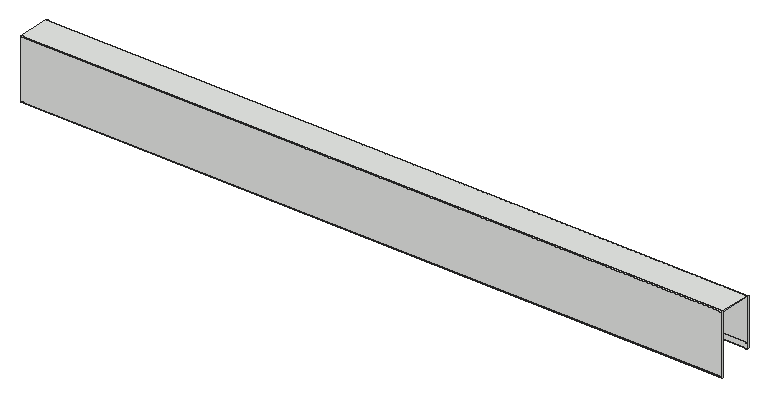
Revit family "profiles PR42 2015", category Generic Models, Revit 2015
Parameters (values of type "ISOLAMIN PR42 flashing")
  Profile Length [instance] = 1180 mm
Reference planes
  plane 1 "Center (Front/Back)": y = 0
  plane 2: z = 0
  plane 3 "Center (Left/Right)": x = 0
  plane 4: x = 1180
Forms (mm)
  Extrusion 1, solid, material "ISOLAMIN Surface Material"
    sketch origin (0, 12.124, -6.449) x (0, 1, 0) y (0, 0, 1)
      loop
        arc (-12.509, 105.562) -> (-12.802, 106.269) -> (-13.509, 106.562) r 1
        line (-13.509, 106.562) -> (-66.508, 106.562)
        arc (-66.508, 106.562) -> (-67.216, 106.269) -> (-67.508, 105.562) r 1
        line (-67.508, 105.562) -> (-67.508, 7.306)
        arc (-67.508, 7.306) -> (-66.508, 6.562) -> (-65.508, 7.306) r 1.044
        line (-65.508, 7.306) -> (-65.508, 15.862) -> (-66.508, 15.862) -> (-66.508, 105.562) -> (-13.509, 105.562) -> (-13.509, 35.862) -> (-14.509, 35.862) -> (-14.509, 27.306)
        arc (-14.509, 27.306) -> (-13.509, 26.562) -> (-12.509, 27.306) r 1.044
        line (-12.509, 27.306) -> (-12.509, 105.562)
    from 0 to 1180
Dimensions and locks
  "Profile Length": plane 3 "Center (Left/Right)" to plane 4
  aligned and locked: level to plane 2
  aligned and locked: plane 4 to Extrusion 1
Automatic sketch dimensions
  plane 1 "Center (Front/Back)" to Extrusion 1 sketch curve = 1.385 mm
  Extrusion 1 sketch curve to Extrusion 1 sketch curve = 1 mm  (x5)
  level to Extrusion 1 sketch curve = 20.857 mm
  Extrusion 1 sketch curve to Extrusion 1 sketch curve = 0.3 mm  (x2)
  Extrusion 1 sketch curve to Extrusion 1 sketch curve = 77.956 mm
  Extrusion 1 sketch curve to Extrusion 1 sketch curve = 8.256 mm
  Extrusion 1 sketch curve to Extrusion 1 sketch curve = 0 mm  (x4)
  Extrusion 1 sketch curve to Extrusion 1 sketch curve = 53 mm
  level to Extrusion 1 sketch curve = 0.857 mm
  Extrusion 1 sketch curve to Extrusion 1 sketch curve = 8.556 mm
